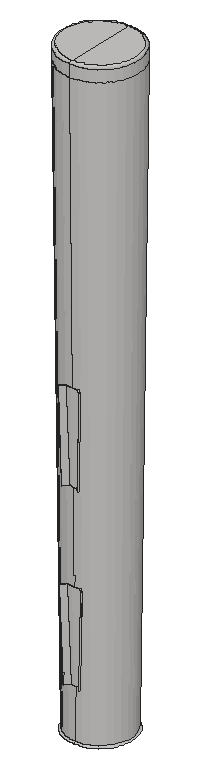
Revit family "QF_Vollrath_PLC-1", category Specialty Equipment, Revit 2016
Family settings
  Part Type = Normal
  Round Connector Dimension = Use Diameter
  OmniClass Number = 23.40.40.00
  OmniClass Title = Food Service Equipment and Furnishings
  Work Plane-Based = Yes
  Always vertical = Yes
  Cut with Voids When Loaded = No
  Shared = No
  Room Calculation Point = No
Parameters
  Width = 3 3/16"
  Weight in Pounds = 0
  Watermarked By = ""
  URL Cutsheet = ""
  Specification by User [instance] = ""
  Specification by Manufacturer [instance] = ""
  Serial Number [instance] = ""
  Revision Code [instance] = ""
  NAFEM Spec ID Number [instance] = ""
  Model = "PLC-1"
  Masterspec [instance] = ""
  Manufacturer = "Vollrath"
  Item Number [instance] = "-"
  Installed By [instance] = ""
  Height = 25 3/4"
  Furnished By [instance] = ""
  Foodservice Equipment Identifier = yes
  Description = "Cup Dispenser"
  Depth = 3 3/16"
  Default Elevation = 48"
  CSI MasterFormat = ""
Reference planes (in)
  plane 1 "BACK": y = 0
  plane 2 "BOTTOM": z = 0
  plane 3 "LEFT": x = -16.56573
  plane 4 "RIGHT": x = -13.37823
  plane 5 "FRONT": y = -3.1875
  plane 6 "TOP": z = 25.75
  plane 7: z = 25.16
  plane 8 "CNTR LR": x = -14.97198
  plane 9 "CNTR FB": y = -1.59375
  plane 10 "Bottom Screw 1": z = 2.19
  plane 11 "Bottom of Screw 2": z = 5.94
  plane 12 "Top Screw 1": z = 9.69
  plane 13 "Top Screw 2": z = 12.875
Forms (in)
  Revolve 1, solid, material "QF_Stainless-Polished"
    sketch origin (-14.97198, 0, 0) x (0, 1, 0) y (0, 0, 1)
      loop
        line (-0.1, 25.75) -> (-1.59375, 25.75) -> (-1.59375, 25.16) -> (0, 25.16) -> (0, 25.65)
        arc (0, 25.65) -> (-0.02929, 25.72071) -> (-0.1, 25.75) r 0.1
      axis (-1.59375, 25.16) -> (-1.59375, 25.75)
    angle from 0 to 360
  Blend 2, solid, material "QF_Stainless-Polished"
    base sketch origin (0, 0, 9.69) x (0, 1, 0) y (-1, 0, 0)
      loop
        arc (-3.01474, 15.1337) -> (-3.0242, 14.97198) -> (-3.01474, 14.81025) r 1.38697
        line (-3.01474, 14.81025) -> (-3.18039, 14.64459)
        arc (-3.18039, 14.64459) -> (-3.17655, 14.62696) -> (-3.1725, 14.60938) r 1.57751
        line (-3.1725, 14.60938) -> (-2.98273, 14.79983)
        arc (-2.98273, 14.79983) -> (-2.9937, 14.97198) -> (-2.98273, 15.14412) r 1.35646
        line (-2.98273, 15.14412) -> (-3.1725, 15.33457)
        arc (-3.1725, 15.33457) -> (-3.17655, 15.31699) -> (-3.18039, 15.29936) r 1.57751
        line (-3.18039, 15.29936) -> (-3.01474, 15.1337)
    top sketch origin (0, 0, 9.69) x (0, 1, 0) y (-1, 0, 0)
      loop
        line (-3.24121, 15.39775) -> (-3.08296, 15.2395)
        arc (-3.08296, 15.2395) -> (-3.10924, 14.97198) -> (-3.08296, 14.70445) r 1.3749
        line (-3.08296, 14.70445) -> (-3.24121, 14.5462)
        arc (-3.24121, 14.5462) -> (-3.2364, 14.52953) -> (-3.2314, 14.51291) r 1.56587
        line (-3.2314, 14.51291) -> (-3.04989, 14.69509)
        arc (-3.04989, 14.69509) -> (-3.07871, 14.97198) -> (-3.04989, 15.24886) r 1.34438
        line (-3.04989, 15.24886) -> (-3.2314, 15.43104)
        arc (-3.2314, 15.43104) -> (-3.2364, 15.41442) -> (-3.24121, 15.39775) r 1.56587
    from 0 to 3.75
  Revolve 3, solid, material "QF_Stainless-Polished"
    sketch origin (-14.97198, 0, 0) x (0, 1, 0) y (0, 0, 1)
      loop
        line (-0.31735, 0) -> (-0.23249, 0)
        arc (-0.23249, 0) -> (-0.28229, 0.0208) -> (-0.30249, 0.07084) r 0.07
        line (-0.30249, 0.07084) -> (0, 25.16) -> (-0.04, 25.16) -> (-0.3425, 0.07027)
        arc (-0.3425, 0.07027) -> (-0.33607, 0.03294) -> (-0.31735, 0) r 0.11
      axis (-1.59375, 0) -> (-1.59375, 25.16)
    angle from 0 to 360
  Blend 4, solid, material "QF_Stainless-Polished"
    base sketch origin (0, 0.07267, 2.19) x (0, 1, 0) y (-1, 0, 0)
      loop
        arc (-3.01474, 15.1337) -> (-3.0242, 14.97198) -> (-3.01474, 14.81025) r 1.38697
        line (-3.01474, 14.81025) -> (-3.18039, 14.64459)
        arc (-3.18039, 14.64459) -> (-3.17655, 14.62696) -> (-3.1725, 14.60938) r 1.57751
        line (-3.1725, 14.60938) -> (-2.98273, 14.79983)
        arc (-2.98273, 14.79983) -> (-2.9937, 14.97198) -> (-2.98273, 15.14412) r 1.35646
        line (-2.98273, 15.14412) -> (-3.1725, 15.33457)
        arc (-3.1725, 15.33457) -> (-3.17655, 15.31699) -> (-3.18039, 15.29936) r 1.57751
        line (-3.18039, 15.29936) -> (-3.01474, 15.1337)
    top sketch origin (0, 0.07267, 2.19) x (0, 1, 0) y (-1, 0, 0)
      loop
        line (-3.24121, 15.39775) -> (-3.08296, 15.2395)
        arc (-3.08296, 15.2395) -> (-3.10924, 14.97198) -> (-3.08296, 14.70445) r 1.3749
        line (-3.08296, 14.70445) -> (-3.24121, 14.5462)
        arc (-3.24121, 14.5462) -> (-3.2364, 14.52953) -> (-3.2314, 14.51291) r 1.56587
        line (-3.2314, 14.51291) -> (-3.04989, 14.69509)
        arc (-3.04989, 14.69509) -> (-3.07871, 14.97198) -> (-3.04989, 15.24886) r 1.34438
        line (-3.04989, 15.24886) -> (-3.2314, 15.43104)
        arc (-3.2314, 15.43104) -> (-3.2364, 15.41442) -> (-3.24121, 15.39775) r 1.56587
    from 0 to 3.75
Lines and regions (in)
  symbolic lines
    curve 1: circle (-14.97198, -1.59375, 9.69) r 1.5625 normal (0, 0, 1)
  symbolic lines, style "QF_Details_Surface"
    curve 2: line (-15.24886, -3.04989, 9.69) -> (-15.43037, -3.2314, 9.69)
    curve 3: arc (-14.69509, -3.04989, 9.69) -> (-14.97198, -3.07871, 9.69) -> (-15.24886, -3.04989, 9.69) r 1.34438
    curve 4: line (-14.51358, -3.2314, 9.69) -> (-14.69509, -3.04989, 9.69)
    curve 5: line (-14.70445, -3.08296, 9.69) -> (-14.5462, -3.24121, 9.69)
    curve 6: arc (-15.2395, -3.08296, 9.69) -> (-14.97198, -3.10924, 9.69) -> (-14.70445, -3.08296, 9.69) r 1.3749
    curve 7: line (-15.39775, -3.24121, 9.69) -> (-15.2395, -3.08296, 9.69)
    curve 8: arc (-15.43037, -3.2314, 9.69) -> (-15.41409, -3.2364, 9.69) -> (-15.39775, -3.24121, 9.69) r 1.56845
    curve 9: arc (-14.5462, -3.24121, 9.69) -> (-14.52987, -3.2364, 9.69) -> (-14.51358, -3.2314, 9.69) r 1.56845
Dimensions and locks (in)
  "Width": plane 3 "LEFT" to plane 4 "RIGHT"
  "Depth": plane 5 "FRONT" to plane 1 "BACK"
  "Height": plane 6 "TOP" to plane 2 "BOTTOM"
  locked: plane 6 "TOP" to plane 7 at 0.59
  equal spacing: plane 3 "LEFT", plane 8 "CNTR LR", plane 4 "RIGHT"
  equal spacing: plane 5 "FRONT", plane 9 "CNTR FB", plane 1 "BACK"
  locked: plane 11 "Bottom of Screw 2" to plane 10 "Bottom Screw 1" at 3.75
  locked: plane 12 "Top Screw 1" to plane 11 "Bottom of Screw 2" at 3.75
  equal spacing: plane 6 "TOP", plane 13 "Top Screw 2", plane 2 "BOTTOM"
  plane 10 "Bottom Screw 1" to plane 2 "BOTTOM" = 2.19"
  aligned and locked: level to plane 2 "BOTTOM"
  aligned and locked: Revolve 1 sketch curve to Revolve 1 sketch curve
  aligned and locked: plane 7 to Revolve 1 sketch curve
  aligned and locked: Revolve 1 sketch curve to plane 9 "CNTR FB"
  aligned and locked: Revolve 1 sketch curve to plane 6 "TOP"
  aligned and locked: plane 1 "BACK" to Revolve 1 sketch curve
Automatic sketch dimensions
  Revolve 1 sketch curve to plane 7 = 0"
  Revolve 1 sketch curve to plane 6 "TOP" = 0"
  Revolve 1 sketch curve to Revolve 1 sketch curve = 0.1"
  Blend 2 sketch curve to Blend 2 sketch curve = 0"  (x24)
  Blend 2 sketch curve to plane 8 "CNTR LR" = 0"  (x2)
  Blend 2 sketch curve to plane 5 "FRONT" = 0.00711"  (x2)
  Blend 2 sketch curve to plane 5 "FRONT" = 0.015"  (x2)
  Blend 2 sketch curve to plane 5 "FRONT" = 0.17276"
  plane 8 "CNTR LR" to Blend 2 sketch curve = 0.16173"
  Blend 2 sketch curve to Blend 2 sketch curve = 0.16565"  (x3)
  Blend 2 sketch curve to Blend 2 sketch curve = 0.03201"  (x2)
  plane 8 "CNTR LR" to Blend 2 sketch curve = 0.17214"
  plane 9 "CNTR FB" to Blend 2 sketch curve = 0.04348"
  plane 5 "FRONT" to Blend 2 sketch curve = 0.05371"  (x2)
  Blend 2 sketch curve to Blend 2 sketch curve = 0.00981"  (x2)
  Blend 2 sketch curve to plane 5 "FRONT" = 0.10454"  (x2)
  Blend 2 sketch curve to Blend 2 sketch curve = 0.03307"  (x2)
  plane 9 "CNTR FB" to Blend 2 sketch curve = 0.14058"
  plane 8 "CNTR LR" to Blend 2 sketch curve = 0.26752"
  Blend 2 sketch curve to Blend 2 sketch curve = 0.00936"
  Blend 2 sketch curve to Blend 2 sketch curve = 0.15825"  (x2)
  curve 1 to plane 8 "CNTR LR" = 0"
  plane 9 "CNTR FB" to curve 1 = 0"
  Revolve 3 sketch curve to plane 7 = 0"  (x2)
  Revolve 3 sketch curve to plane 9 "CNTR FB" = 0"
  Revolve 3 sketch curve to level = 0"  (x2)
  Revolve 3 sketch curve to plane 1 "BACK" = 0"
  level to Revolve 3 sketch curve = 0.07027"
  plane 1 "BACK" to Revolve 3 sketch curve = 0.3425"
  Revolve 3 sketch curve to Revolve 3 sketch curve = 0.02515"
  level to Revolve 3 sketch curve = 0.07084"
  Revolve 3 sketch curve to Revolve 3 sketch curve = 0.04001"
  Revolve 3 sketch curve to Revolve 3 sketch curve = 0.06999"
  Revolve 3 sketch curve to Revolve 3 sketch curve = 0"
  Revolve 3 sketch curve to Revolve 3 sketch curve = 0.04"
  Blend 4 sketch curve to Blend 4 sketch curve = 0"  (x24)
  Blend 4 sketch curve to plane 8 "CNTR LR" = 0"  (x2)
  Blend 4 sketch curve to plane 5 "FRONT" = 0.07978"  (x2)
  Blend 4 sketch curve to plane 5 "FRONT" = 0.08767"  (x2)
  Blend 4 sketch curve to plane 5 "FRONT" = 0.24543"
  plane 8 "CNTR LR" to Blend 4 sketch curve = 0.16173"
  Blend 4 sketch curve to Blend 4 sketch curve = 0.16565"  (x3)
  Blend 4 sketch curve to Blend 4 sketch curve = 0.03201"  (x2)
  plane 8 "CNTR LR" to Blend 4 sketch curve = 0.17214"
  Blend 4 sketch curve to plane 9 "CNTR FB" = 0.02919"
  Blend 4 sketch curve to plane 5 "FRONT" = 0.01896"  (x2)
  Blend 4 sketch curve to Blend 4 sketch curve = 0.00981"  (x2)
  Blend 4 sketch curve to plane 5 "FRONT" = 0.17721"  (x2)
  Blend 4 sketch curve to Blend 4 sketch curve = 0.03307"  (x2)
  plane 9 "CNTR FB" to Blend 4 sketch curve = 0.06791"
  plane 8 "CNTR LR" to Blend 4 sketch curve = 0.26752"
  Blend 4 sketch curve to Blend 4 sketch curve = 0.00936"
  Blend 4 sketch curve to Blend 4 sketch curve = 0.15825"  (x2)
  curve 3 to plane 8 "CNTR LR" = 0"
  curve 3 to curve 1 = 0.14058"
  curve 2 to plane 5 "FRONT" = 0.13761"
  curve 2 to plane 8 "CNTR LR" = 0.27688"
  curve 3 to plane 5 "FRONT" = 0.13761"
  plane 5 "FRONT" to curve 2 = 0.0439"
  curve 2 to curve 2 = 0.18151"
  plane 5 "FRONT" to curve 4 = 0.0439"
  curve 4 to curve 3 = 0.18151"
  curve 3 to curve 6 = 0"  (x2)
  curve 5 to curve 4 = 0.03307"
  curve 4 to curve 5 = 0.00936"
  curve 5 to curve 4 = 0.00981"
  curve 6 to curve 3 = 0.03307"
  curve 4 to curve 5 = 0.03262"
  curve 7 to curve 2 = 0.00981"
  curve 7 to curve 2 = 0.03262"
  curve 3 to curve 8 = 0"
  curve 3 to curve 9 = 0"
  radius of curve 1 = 1 9/16"
